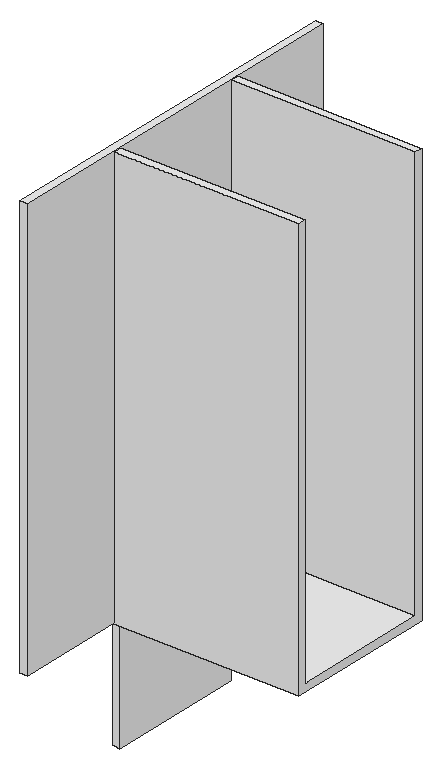
Revit family
Parameters
  Wall Gap = 2 mm
  Side Width = 125 mm
  Base Plate Height [instance] = 75 mm
  Beam Width [instance] = 90 mm
  Beam Depth [instance] = 275 mm
  Side Plate Width [instance] = 75 mm
Reference planes
  plane 1 "Center (Front/Back)": y = -44.967
  plane 2: z = 0
  plane 3 "Center (Left/Right)": x = 17.364
  plane 4 "Back Plane": x = 19.364
  plane 5: x = 144.364
  plane 6: y = 0.033
  plane 7: y = -89.967
  plane 8: z = -300
  plane 9: z = -375
  plane 10: y = 75.033
  plane 11: y = -164.967
  plane 12: z = -25
Forms (mm)
  Extrusion 1, solid
    sketch origin (17.364, 0, -431.752) x (0, 1, 0) y (0, 0, 1)
      loop
        line (0.033, 406.752) -> (0.033, 136.752) -> (-89.967, 136.752) -> (-89.967, 406.752) -> (-94.967, 406.752) -> (-94.967, 131.752) -> (5.033, 131.752) -> (5.033, 406.752) -> (0.033, 406.752)
    from 7 to 127
  Extrusion 2, solid
    sketch origin (19.364, 0, 0) x (0, 0, -1) y (0, -1, 0)
      loop
        line (300, -75.033) -> (300, 164.967) -> (25, 164.967) -> (25, -75.033) -> (300, -75.033)
    from 0 to -5
  Extrusion 3, solid
    sketch origin (19.364, 0, 0) x (0, 0, -1) y (0, -1, 0)
      loop
        line (375, -0.033) -> (375, 89.967) -> (295, 89.967) -> (295, -0.033) -> (375, -0.033)
    from 0 to -5
Dimensions and locks
  equal spacing: plane 6, plane 1 "Center (Front/Back)", plane 7
  "Side Width": plane 4 "Back Plane" to plane 5
  "Wall Gap": plane 4 "Back Plane" to plane 3 "Center (Left/Right)"
  "Beam Width": plane 6 to plane 7
  plane 12 to level = 25 mm
  "Beam Depth": plane 8 to plane 12
  "Side Plate Width": plane 10 to plane 6
  "Side Plate Width": plane 7 to plane 11
  "Base Plate Height": plane 9 to plane 8
  aligned and locked: plane 7 to Extrusion 1 sketch curve
  aligned and locked: plane 8 to Extrusion 1
  aligned and locked: Extrusion 1 to plane 5
  aligned and locked: Extrusion 1 to plane 12  (x2)
  aligned and locked: Extrusion 2 sketch curve to plane 10
  aligned and locked: plane 8 to Extrusion 2 sketch curve
  aligned and locked: Extrusion 2 sketch curve to plane 11
  aligned and locked: Extrusion 2 sketch curve to plane 12
  aligned and locked: plane 6 to Extrusion 3 sketch curve
  aligned and locked: plane 9 to Extrusion 3 sketch curve
  aligned and locked: Extrusion 3 sketch curve to plane 7
  aligned and locked: Extrusion 3 sketch curve to Extrusion 1
  aligned and locked: Extrusion 1 to Extrusion 2
Automatic sketch dimensions
  Extrusion 1 sketch curve to plane 6 = 0 mm
  Extrusion 1 sketch curve to plane 7 = 5 mm
  plane 6 to Extrusion 1 sketch curve = 5 mm
  Extrusion 1 sketch curve to Extrusion 1 sketch curve = 5 mm
  Extrusion 1 sketch curve to level = 300 mm
  Extrusion 1 sketch curve to Extrusion 1 sketch curve = 270 mm
  Extrusion 1 sketch curve to Extrusion 1 sketch curve = 0 mm
